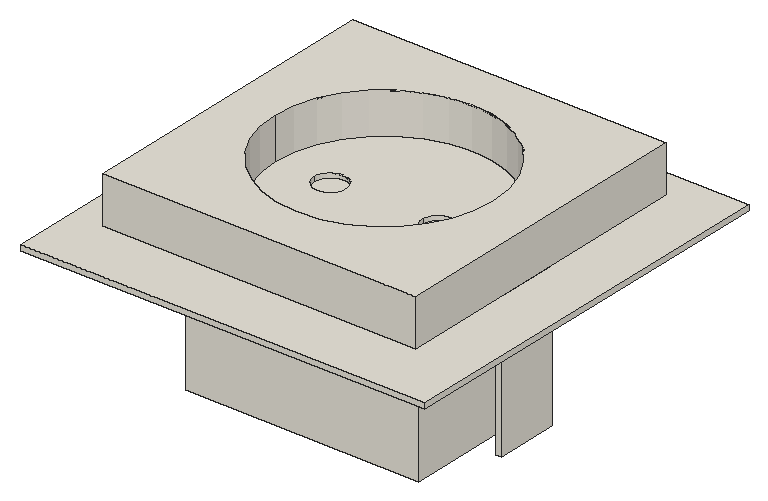
Revit family "Gira_277603", category Electrical Fixtures, host Face, Revit 2017
Family settings
  Host = Face
  Maintain Annotation Orientation = Yes
  Round Connector Dimension = Use Diameter
  Part Type = Normal
  Cut with Voids When Loaded = No
  Shared = No
  Room Calculation Point = No
Parameters (values of type "Sock.BS 13 A SH System 55 p.white")
  With signal lamp = "No"
  With orientation lighting = "No"
  With on/off switch = "No"
  With miniature fuse = "No"
  With loop through function = "No"
  With hinged lid = "No"
  With function lighting = "No"
  With child-protection = "Yes"
  With built-in USB power supply = "No"
  URL = "http://katalog.gira.de/en/datenblatt.html?artikelnr=277603"
  Type of fastening = "Mounting with screw"
  Transparent = "No"
  Surface protection = "Other"
  Surface finishing = "Glossy"
  Suitable for degree of protection (IP) = "IP20"
  Special power supply = "No special power supply"
  Rotated central insert = "No"
  RAL-number (akin) = "9010"
  Protective earth pin round = "No"
  Protective contact = "No"
  Over voltage protection = "No"
  Number of units = "1"
  Number of socket outlets switchable = "0"
  Number of modules (module system) = "1"
  Nominal voltage = "250"
  Nominal current = "13"
  Name = "Sock.BS 13 A SH System 55 p.white"
  Mounting method = "Flush mounted (plaster)"
  Model = "British Standard"
  Material quality = "Thermoplastic"
  Material = "Plastic"
  Manufacturer URL = "https://www.gira.de/"
  Manufacturer = "Gira"
  Lockable = "No"
  Label space/information surface = "No"
  Insulated mounting = "No"
  Imprint/indication = "Without imprint"
  HeinzeBIM = "https://bimportal.heinze.de/bim/sock-bs-13-a-sh-system-55-p-white/f9b1ab611758481cb08ea86ad4bef0d6b458bd6f"
  Halogen free = "Yes"
  HAN = "277603"
  GTIN = "4010337079354"
  Für "erschwerte Bedingungen" (nach VDE) (*de-DE) = "No"
  Fault current protection = "No"
  Eject-mechanism = "No"
  Description = "Sock.BS13A SH Sys55 PW,Socket outlet British Standard (BS 1363-2) 13 A 250 V~ with shutter,System 55, Support ring 71 x 71 mm,pure white glossy,Features:,- With screw terminals.,- For screw mounting only."
  Default Elevation = 1219.2 mm
  Data sheet (1) = "https://katalog.gira.de/en/download.html?artikelnr=277603"
  Cremeweiß glänzend = Cremeweiß glänzend
  Connection type = "Screwed terminal"
  Colour = "White"
  Category = "Socket outlet"
  BIM (1) = "https://media.stage.bim.site/public/gira/36a6b08/SYS55_Steckdose.rfa"
  Available = "No"
  Antibacterial treatment = "No"
Reference planes
  plane 1 "Center (Front/Back)": y = 0
  plane 2 "Reference Level 0": z = 0
  plane 3 "Center (Left/Right)": x = 0
  plane 4: x = 9.5
  plane 5: x = -9.5
  plane 6: x = 9.5
  plane 7: x = -9.5
  plane 8: x = 9.5
  plane 9: x = -9.5
  plane 10: x = 17.5
  plane 11 "Reference Level 1": z = 8.2
Forms (mm)
  Extrusion 1, solid, material "Cremeweiß glänzend" <- "Cremeweiß glänzend", detail levels coarse
    sketch origin (0, 0, 0) x (1, 0, 0) y (0, 1, 0)
      loop
        line (-35.5, 35.5) -> (-35.5, -35.5) -> (35.5, -35.5) -> (35.5, 35.5) -> (-35.5, 35.5)
    from -27.5 to 8.2
  Extrusion 2, solid, material "Cremeweiß glänzend" <- "Cremeweiß glänzend", detail levels medium+fine
    sketch origin (0, 0, 0) x (1, 0, 0) y (0, 1, 0)
      loop
        line (-35.5, 35.5) -> (-35.5, -35.5) -> (35.5, -35.5) -> (35.5, 35.5) -> (-35.5, 35.5)
    from -2.2 to -3.2
  Extrusion 3, solid, material "Cremeweiß glänzend" <- "Cremeweiß glänzend", detail levels medium+fine
    sketch origin (0, 0, 0) x (1, 0, 0) y (0, 1, 0)
      loop
        line (-27.5, 27.5) -> (-27.5, -27.5) -> (27.5, -27.5) -> (27.5, 27.5) -> (-27.5, 27.5)
      loop
        circle (0, 0) r 19.2
    from 0 to 8.2
  Extrusion 4, solid, material "Cremeweiß glänzend" <- "Cremeweiß glänzend", detail levels fine
    sketch origin (0, 0, 0) x (1, 0, 0) y (0, 1, 0)
      loop
        circle (0, 0) r 19.2
      loop
        circle (9.5, 0) r 2.8
      loop
        circle (-9.5, 0) r 2.8
    from 0 to 1
  Extrusion 5, solid, material "Cremeweiß glänzend" <- "Cremeweiß glänzend", detail levels fine
    sketch origin (0, 0, 0) x (1, 0, 0) y (0, 1, 0)
      loop
        circle (-9.5, 0) r 2.8
      loop
        circle (9.5, 0) r 2.8
    from -2.2 to 0.3
  Extrusion 6, solid, material "Cremeweiß glänzend" <- "Cremeweiß glänzend", detail levels medium
    sketch origin (0, 0, 0) x (1, 0, 0) y (0, 1, 0)
      loop
        circle (0, 0) r 19.2
      loop
        circle (9.5, 0) r 2.8
      loop
        circle (-9.5, 0) r 2.8
    from 7.2 to 8.2
  Extrusion 7, solid, material "Cremeweiß glänzend" <- "Cremeweiß glänzend", detail levels medium
    sketch origin (0, 0, 0) x (1, 0, 0) y (0, 1, 0)
      loop
        circle (-9.5, 0) r 2.8
      loop
        circle (9.5, 0) r 2.8
    from 7.2 to 8.2
  Extrusion 8, solid, material "Cremeweiß glänzend" <- "Cremeweiß glänzend", detail levels medium+fine
    sketch origin (0, 0, 0) x (1, 0, 0) y (0, 1, 0)
      loop
        line (-20.5, 9) -> (-20.5, -18) -> (20.5, -18) -> (20.5, 9) -> (17.5, 9) -> (3, 21) -> (3, 24) -> (-3, 24) -> (-3, 21) -> (-17.5, 9) -> (-20.5, 9)
    from 0 to -27.5
  Extrusion 9, solid, material "Cremeweiß glänzend" <- "Cremeweiß glänzend", detail levels medium+fine
    sketch origin (0, 0, 0) x (1, 0, 0) y (0, 1, 0)
      loop
        line (-25, 5.5) -> (-25, -5.5) -> (-24, -5.5) -> (-24, 5.5) -> (-25, 5.5)
    from 0 to -27.5
  Extrusion 10, solid, material "Cremeweiß glänzend" <- "Cremeweiß glänzend", detail levels medium+fine
    sketch origin (0, 0, 0) x (-1, 0, 0) y (0, -1, 0)
      loop
        line (-25, 5.5) -> (-25, -5.5) -> (-24, -5.5) -> (-24, 5.5) -> (-25, 5.5)
    from 0 to -27.5
Dimensions and locks
  aligned and locked: plane 2 "Reference Level 0" to host face
  aligned and locked: level to host face
  aligned and locked: plane 3 "Center (Left/Right)" to nested 1
  aligned and locked: plane 1 "Center (Front/Back)" to nested 1
Nested families
  nested 1: "Steckdose 1-fach Beschriftung" at (0, 0, 0), type "Steckdose 1-fach Beschriftung"
Connectors
  electrical at (0, 9, -27.5)
    settings: on Extrusion 8, index 1, voltage 220 V, apparent load 0 VA, apparent load phase1 0 VA, apparent load phase2 0 VA, apparent load phase3 0 VA, power factor 1, load classification "Other", number of poles 1, system type 31, power factor state 1, is connector primary yes, connector utility no, sub classification motor no, connector description ""
Definition of nested family "Steckdose 1-fach Beschriftung"
  Reference planes
    plane 1: y = 0
    plane 2: x = 0
  Lines and regions (mm)
    detail lines
      curve 1: line (0, 0, 0) -> (0, 2, 0)
      curve 3: line (0, 2, 0) -> (-1, 2, 0)
      curve 4: arc (1, 3, 0) -> (0, 2, 0) -> (-1, 3, 0) r 1
      curve 5: line (0, 2, 0) -> (1, 2, 0)
    reference lines
      curve 2: line (-0.485, 3, 0) -> (2.315, 3, 0)
  Dimensions and locks
    curve 1 to curve 1 = 2 mm
    plane 1 to curve 2 = 3 mm
    curve 3 to curve 3 = 1 mm
